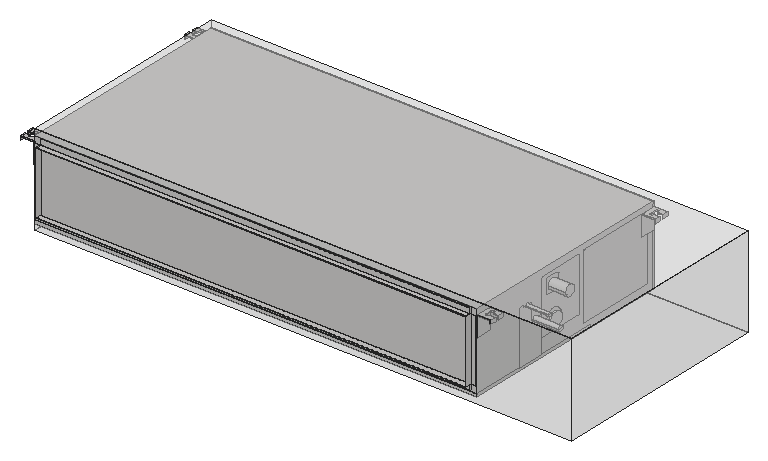
Revit family "outputfile", category 機械設備, Revit 2024
Family settings
  丸型コネクタ寸法 = 半径を使用
  パーツ タイプ = 標準
  OmniClass 番号 = 23.75.10.24.21.27.27
  OmniClass タイトル = Split System Air Conditioning Units
  作業面ベース = いいえ
  常に垂直 = はい
  ロード時にボイドで切り取り = いいえ
  注釈の向きを維持 = いいえ
  共有 = いいえ
  部屋計算ポイント = はい
Parameters (values of type "FPSQ140CV1")
  Description = ""
  書き出し IFC クラス(タイプ) = "IfcUnitaryEquipmentType"
  定義済み IFC タイプ(タイプ) = "AIRCONDITIONINGUNIT"
  Cost = 0
  Type Comments = ""
  Keynote = ""
  Type Image = (empty or 0)
  Assembly Code = ""
  w_RA Duct Size = if(Width = 1000.0 mm, 1000.0 mm, 1400.0 mm)  # 1400.0 mm
  r_HP/LP Gas Pipe Size = 4.75 mm
  lw_HP/LP Gas Pipe Size = 60.0 mm  # constant formula
  lh_HP/LP Gas Pipe Size = -103.0 mm
  ld_mountinghole = 24.0 mm  # constant formula
  ld_HP/LP Gas Pipe Size = 131.0 mm
  製造元 = "Daikin"
  モデル = "FPSQ140CV1"
  w_pipe = 33.0 mm
  r_Liquid Pipe Size = Liquid Pipe Size / 2  # 4.75 mm
  r_Gas Pipe Size = Gas Pipe Size / 2  # 7.95 mm
  r_Drain Pipe Size = Drain Pipe Size / 2  # 16.0 mm
  lw_powersupply = 49.5 mm
  lh_suctionflange [instance] = if(Rear Connection_Return Air, 125.0 mm + [h***], 190.0 mm + [h***])  # 125.0 mm
  ld_suctionflange [instance] = if(Rear Connection_Return Air, 190.0 mm, 126.5 mm)  # 190.0 mm
  ld_powersupply = 60.0 mm
  angle_vertical_RA [instance] = if(Rear Connection_Return Air, 90.00°, 0.00°)  # 90.00°
  angle horizontal_RA [instance] = if(Rear Connection_Return Air, 180.00°, 270.00°)  # 180.00°
  Voltage_comment_50Hz = "220 - 240"
  Voltage_50Hz = 230 V
  URL = ""
  Supply Air Direction [instance] = yes
  Sound Power Level_H speed (dB) = 0
  Rear Connection_Return Air [instance] = not(Bottom Connection_Return Air)  # yes
  RA_length = 190.0 mm  # constant formula
  Phase_50Hz = 1
  Minimum External Static Pressure = 50.00 Pa
  Minimum Circuit Amps_50Hz = 2.0 A
  Maximum Fuse Amps_50Hz = 16.0 A
  Maximum External Static Pressure = 80.00 Pa
  Material_Casing = DAIKIN_GalvanizedSteel_Casing_indoorunit
  lw_liquidpipe = 75.0 mm  # constant formula
  lw_gaspipe = 83.0 mm  # constant formula
  lw_mountinghole_pitch = Width + 45.0 mm  # 1445.0 mm
  lw_mountinghole = 20.0 mm  # constant formula
  lw_drainpipe = 58.0 mm  # constant formula
  lh_powersupply = 20.0 mm
  lh_liquidpipe = 175.0 mm
  lh_gaspipe = 124.0 mm
  lh_mountinghole = Height + [h***]  # 250.0 mm
  lh_drainpipe = 57.0 mm
  lh_antena = 1.0 mm  # constant formula
  ld_liquidpipe = 197.0 mm
  ld_gaspipe = 228.0 mm  # constant formula
  ld_mountinghole_pitch = 651.0 mm  # constant formula
  ld_drainpipe = 403.0 mm  # constant formula
  ld_controlbox = 626.0 mm  # constant formula
  h*** = 0.0 mm  # constant formula
  d_dischargeflange = 19.0 mm  # constant formula
  Width = 1400.0 mm
  Version = "ver.1.0"
  Unit Type = "Middle Static Ceiling Mounted Duct Type"
  Unit Mass Weight = 42.00 kg
  Unit Designation [instance] = ""
  Uniclass2015Version = "Products v1.30"
  Uniclass2015Title = "Variable refrigerant flow units"
  Uniclass2015Code = "Pr_70_65_03_94"
  Total Cooling Capacity [instance] = 0.000 kW
  Sound Pressure Level_M speed (dBA) = 39
  Sound Pressure Level_L speed (dBA) = 36
  Sound Pressure Level_H speed (dBA) = 42
  Series = "VRV HOME_Fan Coil Unit"
  Sensible Cooling Capacity [instance] = 0.000 kW
  SA Duct Size Width = 1360.0 mm
  SA Duct Size Height = 198.0 mm
  Refrigerant Type = "R410A"
  RA Duct Size Width = 1364.0 mm
  RA Duct Size Height [instance] = if(Rear Connection_Return Air, 214.0 mm, 217.0 mm)  # 214.0 mm
  Power Input (Cooling) = 0.325 kW
  Option Accessory 3 [instance] = ""
  Option Accessory 2 [instance] = ""
  Option Accessory 1 [instance] = ""
  Nominal Cooling Capacity = 16.000 kW
  Minimum Airflow = 1524.00 m³/h
  Median Airflow = 1932.00 m³/h
  Maximum Airflow = 2340.00 m³/h
  Load Classification = HVAC
  Liquid Pipe Size = 9.5 mm
  Link_Nested Family [instance] = ""
  IfcVersion = ""
  IfcExportType = "AIRCONDITIONINGUNIT"
  IfcExportAs = "IfcUnitaryEquipmentType"
  Height = 250.0 mm
  Heat Exchanger Type = "Cross Fin Coil"
  Gas Pipe Size = 15.9 mm
  Frequency_50Hz = 50 Hz
  Fan Type = "Sirocco Fan"
  Fan Drive = "Direct Drive"
  FCU Tag No. [instance] = ""
  Drain Pipe Size = 32.0 mm
  Design Supply Airflow [instance] = 0.00 m³/h
  Design Return Airflow [instance] = 0.00 m³/h
  Design External Static Pressure [instance] = 0.00 Pa
  Depth = 700.0 mm
  既定の高さ = 0.0 mm
  Cooling Entering Wet Bulb Temperature [instance] = 0.00 °C
  Cooling Entering Dry Bulb Temperature [instance] = 0.00 °C
  Cooling Ambient Wet Bulb Temperature [instance] = 0.00 °C
  Cooling Ambient Dry Bulb Temperature [instance] = 0.00 °C
  Clearance visibility [instance] = yes
  Clearance Top = 20.0 mm
  Clearance Right = 300.0 mm
  Clearance Rear = 0.0 mm
  Clearance Left = 0.0 mm
  Clearance Front = 0.0 mm
  Clearance Bottom = 20.0 mm
  Bottom Connection_Return Air [instance] = no
Reference planes
  plane 1 "Center (Front/Back)": y = 0
  plane 2: z = 0
  plane 3 "Center (Left/Right)": x = 0
  plane 4 "Back": y = 350
  plane 5 "Front": y = -350
  plane 6 "Left": x = -700
  plane 7 "Right": x = 700
  plane 8 "Top": z = 0
  plane 9 "Bottom": z = -250
  plane 10: x = 325
  plane 11: x = -330
  plane 12: z = -230
  plane 13: z = -6
  plane 14: z = -72
  plane 15: z = -75
  plane 16: z = -126
  plane 17: x = -304
  plane 18: x = -722.5
  plane 19: x = 722.5
  plane 20: y = -326
  plane 21: y = 325
  plane 22: x = -742.5
  plane 23: x = 390
  plane 24: x = 775
  plane 25: x = 783
  plane 26: x = 758
  plane 27: z = 0
  plane 28 "Clearance Left": x = -700
  plane 29 "Clearance Right": x = 1000
  plane 30 "Clearance Rear": y = 350
  plane 31 "Clearance Front": y = -350
  plane 32 "Clearance Top": z = 20
  plane 33 "Clearance Bottom": z = -270
  plane 34: z = -14
  plane 35: z = -57
  plane 36: z = -146.5
  plane 37: x = 0
  plane 38: y = -122
  plane 39: y = -153
  plane 40: y = -30
  plane 41: y = -53
  plane 42: z = -119
  plane 43: y = -349
  plane 44: x = -699
  plane 45: z = -140
  plane 46: z = -80
  plane 47: y = 210
  plane 48: z = -249
  plane 49: y = 160
  plane 50: z = -151
  plane 51: x = 730
  plane 52: z = 11
  plane 53: z = 97.5
  plane 54: y = -219
Forms (mm)
  Extrusion 1, solid, material "DAIKIN_GalvanizedSteel_Casing_indoorunit" <- "Material_Casing"
    sketch origin (0, 0, 0) x (1, 0, 0) y (0, 1, 0)
      loop
        line (-700, -350) -> (700, -350) -> (700, 350) -> (-700, 350) -> (-700, -350)
    from -250 to 0
  Revolve 2, solid, material "DAIKIN_GalvanizedSteel_Casing_indoorunit" <- "Material_Casing"
    sketch origin (0, 0, -126) x (0, -1, 0) y (1, 0, 0)
      loop
        line (114.05, 700) -> (122, 700) -> (122, 783) -> (114.05, 783) -> (114.05, 700)
      axis (122, 700) -> (122, 783)
    angle from 0 to 360
  Revolve 3, solid, material "DAIKIN_GalvanizedSteel_Casing_indoorunit" <- "Material_Casing"
    sketch origin (0, 0, -75) x (0, -1, 0) y (1, 0, 0)
      loop
        line (153, 700) -> (153, 775) -> (148.25, 775) -> (148.25, 700) -> (153, 700)
      axis (153, 775) -> (153, 700)
    angle from 0 to 360
  Extrusion 4, solid, material "DAIKIN_GalvanizedSteel_Casing_indoorunit" <- "Material_Casing"
    sketch origin (700, 0, 33.75) x (0, 1, 0) y (0, 0, 1)
      loop
        circle (-53, -90.75) r 16
    from 0 to 58
  Extrusion 5, solid, material "DAIKIN_GalvanizedSteel_Casing_indoorunit" <- "Material_Casing"
    sketch origin (0, 0, 0) x (1, 0, 0) y (0, 0, 1)
      loop
        line (-700, -240) -> (-700, -250) -> (700, -250) -> (700, -240) -> (-700, -240)
    from -97 to 350
  Extrusion 6, solid, material "DAIKIN_GalvanizedSteel_Casing_indoorunit" <- "Material_Casing"
    sketch origin (700, 0, 0) x (0, 1, 0) y (0, 0, 1)
      loop
        circle (-49.014, -158.014) r 22.5
    from 11.3 to 0
  Extrusion 7, solid, material "DAIKIN_GalvanizedSteel_Casing_indoorunit" <- "Material_Casing"
    sketch origin (700, 0, 0) x (0, 1, 0) y (0, 0, 1)
      loop
        circle (-49.014, -158.014) r 30
    from 0 to 3
  Extrusion 8, solid, material "DAIKIN_GalvanizedSteel_Casing_indoorunit" <- "Material_Casing"
    sketch origin (700, 0, 0) x (0, 1, 0) y (0, 0, 1)
      loop
        arc (-94.014, -189.014) -> (-93.135, -191.135) -> (-91.014, -192.014) r 3
        line (-91.014, -192.014) -> (49.986, -192.014)
        arc (49.986, -192.014) -> (52.108, -191.135) -> (52.986, -189.014) r 3
        line (52.986, -189.014) -> (52.986, -25.014)
        arc (52.986, -25.014) -> (52.108, -22.892) -> (49.986, -22.014) r 3
        line (49.986, -22.014) -> (-91.014, -22.014)
        arc (-91.014, -22.014) -> (-93.135, -22.892) -> (-94.014, -25.014) r 3
        line (-94.014, -25.014) -> (-94.014, -189.014)
      loop
        line (-78.486, -40.478) -> (-78.486, -73.478)
        arc (-78.486, -73.478) -> (-75.855, -79.845) -> (-69.494, -82.486) r 9
        line (-69.494, -82.486) -> (-36.492, -82.486)
        arc (-36.492, -82.486) -> (-30.134, -79.848) -> (-27.486, -73.494) r 9.023
        line (-27.486, -73.494) -> (-27.486, -40.478)
        arc (-27.486, -40.478) -> (-30.122, -34.122) -> (-36.478, -31.486) r 9
        line (-36.478, -31.486) -> (-69.494, -31.486)
        arc (-69.494, -31.486) -> (-75.85, -34.122) -> (-78.486, -40.478) r 9
    from 0 to 1
  Extrusion 9, solid, material "DAIKIN_GalvanizedSteel_Casing_indoorunit" <- "Material_Casing"
    sketch origin (700, 0, 0) x (0, 1, 0) y (0, 0, 1)
      loop
        line (72.008, -16.198) -> (72.008, -225) -> (324.002, -225) -> (324.002, -83.198) -> (299.002, -83.198) -> (299.002, -16.198) -> (72.008, -16.198)
    from 0 to 1
  Extrusion 10, solid, material "DAIKIN_GalvanizedSteel_Casing_indoorunit"
    sketch origin (700, 0, 0) x (0, 1, 0) y (0, 0, 1)
      loop
        line (-96.045, -240) -> (-96.045, -126.163) -> (-136.045, -126.163) -> (-136.045, -75.163) -> (-166.999, -75.163) -> (-166.999, -70.163) -> (-181.045, -70.163) -> (-181.045, -240) -> (-96.045, -240)
    from 0 to 1
Dimensions and locks
  "lh_powersupply": plane 12 to plane 9 "Bottom"
  locked: plane 8 "Top" to plane 13 at 6
  "Height": plane 8 "Top" to plane 9 "Bottom"
  locked: plane 17 to plane 3 "Center (Left/Right)" at 304
  equal spacing: plane 18, plane 3 "Center (Left/Right)", plane 19
  "lw_mountinghole_pitch": plane 18 to plane 19
  locked: plane 14 to plane 9 "Bottom" at 178
  "lw_mountinghole": plane 22 to plane 18
  "lh_liquidpipe": plane 15 to plane 9 "Bottom"
  "lh_gaspipe": plane 16 to plane 9 "Bottom"
  "lh_mountinghole": plane 27 to plane 9 "Bottom"
  "ld_mountinghole_pitch": plane 21 to plane 20
  equal spacing: plane 6 "Left", plane 3 "Center (Left/Right)", plane 7 "Right"
  "Width": plane 6 "Left" to plane 7 "Right"
  "Clearance Right": plane 7 "Right" to plane 29 "Clearance Right"
  "Clearance Left": plane 28 "Clearance Left" to plane 6 "Left"
  "lw_gaspipe": plane 7 "Right" to plane 25
  "lw_liquidpipe": plane 7 "Right" to plane 24
  "lw_drainpipe": plane 7 "Right" to plane 26
  "Clearance Rear": plane 30 "Clearance Rear" to plane 4 "Back"
  "Clearance Front": plane 5 "Front" to plane 31 "Clearance Front"
  "Clearance Top": plane 32 "Clearance Top" to plane 8 "Top"
  "Clearance Bottom": plane 9 "Bottom" to plane 33 "Clearance Bottom"
  plane 8 "Top" to plane 34 = 14.0 mm
  "lh_drainpipe": plane 8 "Top" to plane 35
  locked: plane 36 to plane 9 "Bottom" at 103.5
  locked: plane 34 to plane 42 at 105
  "Depth": plane 4 "Back" to plane 5 "Front"
  equal spacing: plane 4 "Back", plane 1 "Center (Front/Back)", plane 5 "Front"
  locked: plane 43 to plane 5 "Front" at 1
  locked: plane 44 to plane 6 "Left" at 1
  locked: plane 12 to plane 45 at 90
  plane 47 to nested 13 = 122.0 mm
  locked: plane 48 to plane 9 "Bottom" at 1
  "ld_suctionflange": plane 4 "Back" to plane 49
  locked: plane 50 to plane 9 "Bottom" at 99
  locked: plane 51 to plane 7 "Right" at 30
  "r_Gas Pipe Size": Revolve 2 sketch curve to Revolve 2 sketch curve
  "ld_gaspipe": plane 38 to plane 5 "Front"
  "r_Liquid Pipe Size": Revolve 3 sketch curve to plane 39
  "ld_liquidpipe": plane 39 to plane 5 "Front"
  "ld_drainpipe": plane 4 "Back" to plane 41
  "ld_HP/LP Gas Pipe Size": plane 54 to plane 5 "Front"
  plane 8 "Top" to plane 15 = 75.0 mm
  "ld_mountinghole": plane 20 to plane 5 "Front"
  locked: plane 8 "Top" to nested 16 at 20
  equal spacing: plane 6 "Left", plane 37, plane 7 "Right"
  "ld_gaspipe": plane 5 "Front" to Revolve 2 sketch curve
  locked: plane 46 to plane 9 "Bottom" at 170
  "r_Drain Pipe Size": radius of Extrusion 4 sketch curve
  aligned and locked: level to plane 2
  aligned and locked: Extrusion 1 to plane 9 "Bottom"
  aligned and locked: plane 8 "Top" to Extrusion 1
  aligned and locked: Revolve 2 sketch curve to Revolve 2 sketch curve
  aligned and locked: nested 6 to plane 24
  aligned and locked: nested 6 to plane 15
  aligned and locked: nested 2 to plane 21
  aligned and locked: plane 19 to nested 2
  aligned and locked: plane 19 to nested 3
  aligned and locked: plane 18 to nested 4
  aligned and locked: plane 21 to nested 5
  aligned and locked: nested 5 to plane 21
  aligned and locked: plane 18 to nested 5
  aligned and locked: Extrusion 5 to plane 5 "Front"
  aligned and locked: Extrusion 5 to plane 9 "Bottom"
  aligned and locked: nested 7 to plane 16
  aligned and locked: plane 38 to nested 7
  aligned and locked: plane 39 to nested 6
  aligned and locked: Extrusion 4 sketch curve to plane 41
  aligned and locked: plane 4 "Back" to nested 12
  aligned and locked: plane 29 "Clearance Right" to nested 14
  aligned and locked: plane 28 "Clearance Left" to nested 14
  aligned and locked: nested 14 to plane 31 "Clearance Front"
  aligned and locked: nested 14 to plane 32 "Clearance Top"
  aligned and locked: nested 14 to plane 33 "Clearance Bottom"
  aligned and locked: nested 8 to plane 35
  aligned and locked: nested 10 to plane 1 "Center (Front/Back)"
  aligned and locked: plane 3 "Center (Left/Right)" to nested 10
  aligned and locked: plane 42 to nested 9
  aligned and locked: level to plane 8 "Top"
  aligned and locked: plane 3 "Center (Left/Right)" to nested 1
  aligned and locked: Extrusion 1 sketch curve to plane 5 "Front"
  aligned and locked: plane 3 "Center (Left/Right)" to nested 16
  aligned and locked: plane 5 "Front" to nested 16
  aligned and locked: nested 9 to plane 5 "Front"
  aligned and locked: plane 39 to Revolve 3 sketch curve  (x2)
  aligned and locked: plane 7 "Right" to nested 7
  aligned and locked: plane 7 "Right" to nested 8
  aligned and locked: plane 41 to nested 8
  aligned and locked: plane 1 "Center (Front/Back)" to nested 1
  aligned and locked: nested 4 to plane 20
  aligned and locked: nested 3 to plane 20
  aligned and locked: plane 37 to nested 15
  aligned and locked: nested 15 to plane 49
  aligned and locked: plane 7 "Right" to Revolve 3 sketch curve
  aligned and locked: plane 7 "Right" to Revolve 2 sketch curve
  aligned and locked: Revolve 2 sketch curve to nested 7
  aligned and locked: plane 8 "Top" to nested 12
  aligned and locked: plane 3 "Center (Left/Right)" to nested 12
  aligned and locked: plane 3 "Center (Left/Right)" to nested 13
  aligned and locked: plane 9 "Bottom" to nested 13
  aligned and locked: plane 30 "Clearance Rear" to nested 14
  aligned and locked: plane 4 "Back" to nested 13
  aligned and locked: plane 7 "Right" to nested 11
  aligned and locked: plane 26 to Extrusion 4
Automatic sketch dimensions
  Extrusion 1 sketch curve to plane 4 "Back" = 0.0 mm
  Extrusion 1 sketch curve to plane 6 "Left" = 0.0 mm
  Extrusion 1 sketch curve to plane 7 "Right" = 0.0 mm
  Revolve 2 sketch curve to plane 37 = 57.997 mm
  plane 24 to Revolve 2 sketch curve = 1.003 mm
  Revolve 3 sketch curve to plane 24 = 0.0 mm  (x2)
  Revolve 3 sketch curve to Revolve 3 sketch curve = 1.0 mm
  Extrusion 5 sketch curve to plane 6 "Left" = 0.0 mm
  Extrusion 5 sketch curve to plane 7 "Right" = 0.0 mm
  Extrusion 5 sketch curve to plane 9 "Bottom" = 0.0 mm
  Extrusion 5 sketch curve to plane 12 = 10.0 mm
  plane 35 to Extrusion 4 sketch curve = 0.0 mm
  plane 38 to Extrusion 6 sketch curve = 72.986 mm
  plane 12 to Extrusion 6 sketch curve = 71.986 mm
  plane 41 to Extrusion 7 sketch curve = 3.986 mm
  Extrusion 7 sketch curve to plane 50 = 7.014 mm
  plane 38 to Extrusion 8 sketch curve = 27.986 mm
  Extrusion 8 sketch curve to Extrusion 8 sketch curve = 3.0 mm  (x3)
  Extrusion 8 sketch curve to plane 14 = 1.478 mm
  Extrusion 8 sketch curve to plane 41 = 25.486 mm
  Extrusion 8 sketch curve to plane 46 = 2.486 mm
  Extrusion 8 sketch curve to Extrusion 8 sketch curve = 8.992 mm  (x2)
  Extrusion 8 sketch curve to plane 14 = 1.486 mm
  Extrusion 8 sketch curve to Extrusion 8 sketch curve = 9.0 mm
  Extrusion 8 sketch curve to plane 14 = 1.463 mm
  Extrusion 8 sketch curve to plane 40 = 6.509 mm
  Extrusion 8 sketch curve to plane 40 = 6.492 mm
  Extrusion 8 sketch curve to plane 40 = 6.486 mm
  Extrusion 8 sketch curve to plane 40 = 6.478 mm
  Extrusion 8 sketch curve to plane 14 = 1.494 mm
  Extrusion 8 sketch curve to plane 34 = 8.014 mm
  Extrusion 8 sketch curve to plane 1 "Center (Front/Back)" = 49.986 mm  (x2)
  Extrusion 8 sketch curve to plane 50 = 38.014 mm
  plane 35 to Extrusion 8 sketch curve = 16.514 mm
  Extrusion 8 sketch curve to Extrusion 8 sketch curve = 32.977 mm
  Extrusion 8 sketch curve to Extrusion 8 sketch curve = 0.008 mm
  Extrusion 9 sketch curve to plane 34 = 2.198 mm
  Extrusion 9 sketch curve to plane 1 "Center (Front/Back)" = 72.008 mm
  Extrusion 9 sketch curve to plane 46 = 3.198 mm
  Extrusion 9 sketch curve to plane 21 = 25.998 mm
  Extrusion 9 sketch curve to plane 21 = 0.998 mm  (x2)
  plane 12 to Extrusion 9 sketch curve = 5.0 mm
  plane 48 to Extrusion 10 sketch curve = 9.0 mm
  Extrusion 10 sketch curve to plane 39 = 28.045 mm
  Extrusion 10 sketch curve to plane 15 = 0.163 mm
  Extrusion 10 sketch curve to plane 39 = 13.999 mm
  Extrusion 10 sketch curve to plane 16 = 0.163 mm
  Extrusion 10 sketch curve to plane 38 = 14.045 mm
  plane 38 to Extrusion 10 sketch curve = 25.955 mm
  plane 14 to Extrusion 10 sketch curve = 1.837 mm
  radius of Extrusion 6 sketch curve = 22.5 mm
  radius of Extrusion 7 sketch curve = 30.0 mm
Nested families
  nested 1: "daikin_hangerfixture_FPSQ-CV1" at (0, 0, -15.5), type "daikin_hangerfixture_FPSQ-CV1"
    with width 1400.0 mm
  nested 2: "daikin_mountinghole" at (722.5, 325, -265.5), l_antenna <- "lh_antena", Link_Nested Family <- "Link_Nested Family", h_mountinghole <- "lh_mountinghole", type "daikin_mountinghole"
    with show yes, l_antenna 1.0 mm, h_mountinghole 250.0 mm, Link_Nested Family ""
  nested 3: "daikin_mountinghole" at (722.5, -326, -265.5), Link_Nested Family <- "Link_Nested Family", l_antenna <- "lh_antena", h_mountinghole <- "lh_mountinghole", type "daikin_mountinghole"
    with show yes, l_antenna 1.0 mm, h_mountinghole 250.0 mm, Link_Nested Family ""
  nested 4: "daikin_mountinghole" at (-722.5, -326, -265.5), l_antenna <- "lh_antena", Link_Nested Family <- "Link_Nested Family", h_mountinghole <- "lh_mountinghole", type "daikin_mountinghole"
    with show yes, l_antenna 1.0 mm, h_mountinghole 250.0 mm, Link_Nested Family ""
  nested 5: "daikin_mountinghole" at (-722.5, 325, -265.5), l_antenna <- "lh_antena", Link_Nested Family <- "Link_Nested Family", h_mountinghole <- "lh_mountinghole", type "daikin_mountinghole"
    with show yes, l_antenna 1.0 mm, h_mountinghole 250.0 mm, Link_Nested Family ""
  nested 6: "daikin_connector_rotate2" at (700, -153, -75) x (0, 1, 0) z (0, 0, 1), length <- "lw_liquidpipe", built-in parameter 1001364 <- "lh_liquidpipe", radius <- "r_Liquid Pipe Size", type "daikin_connector_rotate2"
    with radius 4.75 mm, length 75.0 mm, angle_vertical 90.00°
  nested 7: "daikin_connector_rotate2" at (700, -122, -126) x (0, 1, 0) z (0, 0, 1), length <- "lw_gaspipe", built-in parameter 1001364 <- "lh_gaspipe", radius <- "r_Gas Pipe Size", type "daikin_connector_rotate2"
    with radius 7.95 mm, length 83.0 mm, angle_vertical 90.00°
  nested 8: "daikin_connector_rotate2" at (700, -53, -57) x (0, 1, 0) z (0, 0, 1), built-in parameter 1001364 <- "lh_drainpipe", radius <- "r_Drain Pipe Size", length <- "lw_drainpipe", type "daikin_connector_rotate2"
    with radius 16.0 mm, length 58.0 mm, angle_vertical 90.00°
  nested 9: "daikin_connector_rotate2" at (0, -350, -119), length <- "d_dischargeflange", type "daikin_connector_rotate2"
    with radius 10.0 mm, length 19.0 mm, angle_vertical 90.00°
  nested 10: "daikin_△_symbolicline" at (-75, -129.904, 250) x (-0.5, 0.866, 0) z (0, 0, 1), built-in parameter 1001364 <- "Height", visible <- "Supply Air Direction", type "daikin_△_symbolicline"
    with length 300.0 mm
  nested 11: "daikin_connector_rotate2" at (640, 273.008, -220) x (0, 1, 0) z (0, 0, 1), type "daikin_connector_rotate2"
    with radius 10.0 mm, length 60.0 mm, angle_vertical 90.00°
  nested 12: "daikin_ductflange_FPSQ-CV1_2" at (0, 350, -125), material <- "Material_Casing", visible <- "Rear Connection_Return Air", width <- "w_RA Duct Size", type "daikin_ductflange_FPSQ-CV1_2"
    with width 1400.0 mm, material DAIKIN_GalvanizedSteel_Casing_indoorunit, height 214.0 mm, depth 21.2 mm
  nested 13: "daikin_ductflange_FPSQ-CV1_2" at (0, 225, -250) x (1, 0, 0) z (0, 1, 0), material <- "Material_Casing", visible <- "Bottom Connection_Return Air", width <- "w_RA Duct Size", height <- "RA Duct Size Height", type "daikin_ductflange_FPSQ-CV1_2"
    with width 1400.0 mm, material DAIKIN_GalvanizedSteel_Casing_indoorunit, height 214.0 mm, depth 21.0 mm
  nested 14: "daikin_clearancespace" at (150, 0, -124.881), visible <- "Clearance visibility", show <- "Clearance visibility", Link_Nested Family <- "Link_Nested Family", type "daikin_clearancespace"
    with width 1700.0 mm, show yes, height 290.0 mm, depth 700.0 mm, Link_Nested Family ""
  nested 15: "daikin_connector_rotate3" at (0, 160, -125), built-in parameter 1001364 <- "lh_suctionflange", angle_vertical <- "angle_vertical_RA", angle_horizontal <- "angle horizontal_RA", length <- "RA_length", type "daikin_connector_rotate3"
    with show no, radius 10.0 mm, length 190.0 mm, angle_vertical 90.00°, angle_horizontal 180.00°
  nested 16: "daikin_ductflange_FPSQ-CV1_1" at (0, -36.5, -408.201), width <- "SA Duct Size Width", type "daikin_ductflange_FPSQ-CV1_1"
    with width 1360.0 mm, material DAIKIN_GalvanizedSteel_Casing_indoorunit, height 200.0 mm, depth 19.0 mm
Connectors
  piping at (783, -122, -126), diameter 15.9, driven by "r_Gas Pipe Size"
    settings: on nested 7, index 1, connector inside diameter 609.6 mm, connector length 0.0 mm, flow factor 0, pipe flow 0.00 m³/h, pressure drop 0.0 Pa, fitting loss kfactor 0, connector angle 0.00°, fixture units 0, engagement length 0.0 mm, angle of deflection 0.00°, flow configuration 1, flow direction 2, fitting loss method 0, system type 29, joint type 0, gender type 0, connector reference index -1, connector utility 0, adjustable connector no, is connector primary yes, connector description "Refrigerant Gas Piping"
  piping at (775, -153, -75), diameter 9.5, driven by "r_Liquid Pipe Size"
    settings: on nested 6, index 2, connector inside diameter 609.6 mm, connector length 0.0 mm, flow factor 0, pipe flow 0.00 m³/h, pressure drop 0.0 Pa, fitting loss kfactor 0, connector angle 0.00°, fixture units 0, engagement length 0.0 mm, angle of deflection 0.00°, flow configuration 1, flow direction 1, fitting loss method 0, system type 29, joint type 0, gender type 0, connector reference index -1, connector utility 0, adjustable connector no, is connector primary no, connector description "Refrigerant Liquid Piping"
  piping at (758, -53, -57), diameter 32, driven by "r_Drain Pipe Size"
    settings: on nested 8, index 3, connector inside diameter 609.6 mm, connector length 0.0 mm, flow factor 0, pipe flow 0.00 m³/h, pressure drop 0.0 Pa, fitting loss kfactor 0, connector angle 0.00°, fixture units 0, engagement length 0.0 mm, angle of deflection 0.00°, flow configuration 1, flow direction 2, fitting loss method 4, system type 16, joint type 0, gender type 0, connector reference index -1, connector utility 0, adjustable connector no, is connector primary no, connector description "Condensate Drain Piping"
  electrical at (700, 273.008, -220), driven by "Load Classification"
    settings: on nested 11, index 9, voltage 0 V, apparent load 0 VA, apparent load phase1 0 VA, apparent load phase2 0 VA, apparent load phase3 0 VA, power factor 1, load classification "HVAC", number of poles 1, system type 30, power factor state 1, is connector primary yes, connector utility no, sub classification motor no, connector description "Power Supply"
  hvac at (0, -369, -119), driven by "SA Duct Size Height", driven by "SA Duct Size Width"
    settings: on nested 9, index 11, duct flow 0.00 m³/h, flow factor 0, pres drop 0.00 Pa, loss coef 0, conn angle 0.00°, conn width 1360.0 mm, conn height 198.0 mm, conn diameter 609.6 mm, duct sys type 1, conn prof type 1, flow config 0, flow direction 2, loss method 4, conn ref index -1, conn util no, is conn primary yes, conn desc "SA Duct"
  hvac at (0, 350, -125), driven by "RA Duct Size Height", driven by "RA Duct Size Width"
    settings: on nested 15, index 12, duct flow 0.00 m³/h, flow factor 0, pres drop 0.00 Pa, loss coef 0, conn angle 0.00°, conn width 1364.0 mm, conn height 214.0 mm, conn diameter 609.6 mm, duct sys type 2, conn prof type 1, flow config 0, flow direction 1, loss method 4, conn ref index -1, conn util no, is conn primary no, conn desc "RA Duct"
  piping at (783, -122, -126), diameter 15.9, driven by "r_Gas Pipe Size"
    settings: on nested 7, index 13, connector inside diameter 609.6 mm, connector length 0.0 mm, flow factor 0, pipe flow 0.00 m³/h, pressure drop 0.0 Pa, fitting loss kfactor 0, connector angle 0.00°, fixture units 0, engagement length 0.0 mm, angle of deflection 0.00°, flow configuration 1, flow direction 2, fitting loss method 0, system type 29, joint type 0, gender type 0, connector reference index -1, connector utility 0, adjustable connector no, is connector primary no, connector description "Refrigerant Gas Piping"
Definition of nested family "daikin_hangerfixture_FPSQ-CV1"
  Parameters (values of type "daikin_hangerfixture_FPSQ-CV1")
    width = 1000.0 mm
    material = none
    height = 65.0 mm
    depth = 699.0 mm
    Default Elevation = 0.0 mm
  Reference planes
    plane 1 "Center (Front/Back)": y = 0
    plane 2: z = 0
    plane 3 "Center (Left/Right)": x = 0
    plane 4: x = 500
    plane 5: y = 349
    plane 6: y = -350
    plane 7: x = -500
  Forms (mm)
    Extrusion 1, solid, material <- "material"
      sketch origin (0, 0, 0) x (-1, 0, 0) y (0, 0, -1)
        loop
          line (500, 0) -> (545, 0) -> (545, 11.998) -> (542.7, 11.998) -> (542.7, 2.298) -> (502.108, 2.298) -> (502.108, 64.997) -> (500, 64.997) -> (500, 0)
      from -349 to 350
    Extrusion 2, void
      sketch origin (0, 0, 0) x (1, 0, 0) y (0, 1, 0)
        loop
          line (-545, 301) -> (-545, -302) -> (-500, -302) -> (-500, 301) -> (-545, 301)
        loop
          line (-545, -319.499) -> (-545, -332.501) -> (-529.997, -332.501)
          arc (-529.997, -332.501) -> (-529.291, -332.793) -> (-528.998, -333.5) r 0.998
          line (-528.998, -333.5) -> (-528.998, -335)
          arc (-528.998, -335) -> (-522.999, -340.999) -> (-517, -335) r 5.999
          line (-517, -335) -> (-517, -317)
          arc (-517, -317) -> (-522.999, -311.001) -> (-528.998, -317) r 5.999
          line (-528.998, -317) -> (-528.998, -318.5)
          arc (-528.998, -318.5) -> (-529.291, -319.207) -> (-529.997, -319.499) r 0.998
          line (-529.997, -319.499) -> (-545, -319.499)
        loop
          line (-545, 331.502) -> (-545, 318.5) -> (-529.997, 318.5)
          arc (-529.997, 318.5) -> (-529.291, 318.208) -> (-528.998, 317.501) r 0.998
          line (-528.998, 317.501) -> (-528.998, 316.001)
          arc (-528.998, 316.001) -> (-522.999, 310.002) -> (-517, 316.001) r 5.999
          line (-517, 316.001) -> (-517, 334.001)
          arc (-517, 334.001) -> (-522.999, 340) -> (-528.998, 334.001) r 5.999
          line (-528.998, 334.001) -> (-528.998, 332.5)
          arc (-528.998, 332.5) -> (-529.291, 331.794) -> (-529.997, 331.502) r 0.998
          line (-529.997, 331.502) -> (-545, 331.502)
      from 0 to -80
    Extrusion 3, solid, material <- "material"
      sketch origin (0, 0, 0) x (1, 0, 0) y (0, 0, 1)
        loop
          line (500, 0) -> (500, -64.997) -> (502.108, -64.997) -> (502.108, -2.298) -> (542.7, -2.298) -> (542.7, -11.998) -> (545, -11.998) -> (545, 0) -> (500, 0)
      from -349 to 350
    Extrusion 4, void
      sketch origin (0, 0, 0) x (-1, 0, 0) y (0, -1, 0)
        loop
          line (-545, -301) -> (-500, -301) -> (-500, 302) -> (-545, 302) -> (-545, -301)
        loop
          line (-517, 317) -> (-517, 335)
          arc (-517, 335) -> (-522.999, 340.999) -> (-528.998, 335) r 5.999
          line (-528.998, 335) -> (-528.998, 333.5)
          arc (-528.998, 333.5) -> (-529.291, 332.793) -> (-529.997, 332.501) r 0.998
          line (-529.997, 332.501) -> (-545, 332.501) -> (-545, 319.499) -> (-529.997, 319.499)
          arc (-529.997, 319.499) -> (-529.291, 319.207) -> (-528.998, 318.5) r 0.998
          line (-528.998, 318.5) -> (-528.998, 317)
          arc (-528.998, 317) -> (-522.999, 311.001) -> (-517, 317) r 5.999
        loop
          line (-545, -331.502) -> (-529.997, -331.502)
          arc (-529.997, -331.502) -> (-529.291, -331.794) -> (-528.998, -332.5) r 0.998
          line (-528.998, -332.5) -> (-528.998, -334.001)
          arc (-528.998, -334.001) -> (-522.999, -340) -> (-517, -334.001) r 5.999
          line (-517, -334.001) -> (-517, -316.001)
          arc (-517, -316.001) -> (-522.999, -310.002) -> (-528.998, -316.001) r 5.999
          line (-528.998, -316.001) -> (-528.998, -317.501)
          arc (-528.998, -317.501) -> (-529.291, -318.208) -> (-529.997, -318.5) r 0.998
          line (-529.997, -318.5) -> (-545, -318.5) -> (-545, -331.502)
      from 0 to -80
  Cuts and joins
    Extrusion 2, Extrusion 4 cuts Extrusion 1
    Extrusion 4 cuts Extrusion 3
  Dimensions and locks
    plane 5 to plane 1 "Center (Front/Back)" to plane 6 = 349.0 mm, 350.0 mm
    "depth": plane 5 to plane 6
    plane 6 to plane 1 "Center (Front/Back)" to plane 5 = 350.0 mm, 349.0 mm
    equal spacing: plane 7, plane 3 "Center (Left/Right)", plane 4
    "width": plane 7 to plane 4
    plane 7 to Extrusion 1 sketch curve = 2.108 mm
    level to Extrusion 1 sketch curve = 11.998 mm
    plane 7 to Extrusion 1 sketch curve = 45.0 mm
    Extrusion 1 sketch curve to Extrusion 1 sketch curve = 2.3 mm
    plane 2 to Extrusion 1 sketch curve = 64.997 mm
    Extrusion 3 sketch curve to Extrusion 3 sketch curve = 2.3 mm
    aligned and locked: level to plane 2
    aligned and locked: Extrusion 1 sketch curve to plane 7
    aligned and locked: plane 2 to Extrusion 1 sketch curve
    aligned and locked: plane 5 to Extrusion 1
    aligned and locked: plane 6 to Extrusion 1
  Automatic sketch dimensions
    Extrusion 1 sketch curve to level = 2.298 mm
    Extrusion 2 sketch curve to plane 7 = 0.0 mm
    Extrusion 2 sketch curve to plane 7 = 17.0 mm  (x2)
    Extrusion 2 sketch curve to Extrusion 2 sketch curve = 5.999 mm  (x4)
    Extrusion 2 sketch curve to Extrusion 2 sketch curve = 0.998 mm  (x4)
    Extrusion 2 sketch curve to Extrusion 2 sketch curve = 15.003 mm  (x2)
    Extrusion 2 sketch curve to Extrusion 2 sketch curve = 0.0 mm
    plane 6 to Extrusion 2 sketch curve = 15.0 mm
    Extrusion 2 sketch curve to Extrusion 2 sketch curve = 1.5 mm  (x4)
    Extrusion 2 sketch curve to Extrusion 2 sketch curve = 13.002 mm  (x2)
    Extrusion 2 sketch curve to Extrusion 2 sketch curve = 15.0 mm
    Extrusion 2 sketch curve to plane 5 = 48.0 mm
    Extrusion 2 sketch curve to Extrusion 2 sketch curve = 15.001 mm
    Extrusion 3 sketch curve to level = 0.0 mm
    Extrusion 3 sketch curve to plane 4 = 0.0 mm
    plane 4 to Extrusion 3 sketch curve = 2.108 mm
    Extrusion 3 sketch curve to level = 2.298 mm
    Extrusion 3 sketch curve to Extrusion 3 sketch curve = 40.592 mm
    Extrusion 3 sketch curve to Extrusion 3 sketch curve = 9.7 mm
    Extrusion 3 sketch curve to Extrusion 3 sketch curve = 62.7 mm
    Extrusion 4 sketch curve to plane 4 = 0.0 mm
    plane 4 to Extrusion 4 sketch curve = 17.0 mm  (x2)
    Extrusion 4 sketch curve to Extrusion 4 sketch curve = 5.999 mm  (x3)
    Extrusion 4 sketch curve to Extrusion 4 sketch curve = 0.998 mm  (x4)
    Extrusion 4 sketch curve to Extrusion 4 sketch curve = 15.003 mm  (x2)
    Extrusion 4 sketch curve to plane 5 = 14.999 mm
    Extrusion 4 sketch curve to Extrusion 4 sketch curve = 1.5 mm  (x4)
    Extrusion 4 sketch curve to Extrusion 4 sketch curve = 13.002 mm  (x2)
    Extrusion 4 sketch curve to Extrusion 4 sketch curve = 17.5 mm
    plane 6 to Extrusion 4 sketch curve = 48.0 mm
    Extrusion 4 sketch curve to Extrusion 4 sketch curve = 0.0 mm
    Extrusion 4 sketch curve to Extrusion 4 sketch curve = 12.997 mm
    Extrusion 4 sketch curve to Extrusion 4 sketch curve = 15.0 mm
Definition of nested family "daikin_ductflange_FPSQ-CV1_2"
  Parameters (values of type "daikin_ductflange_FPSQ-CV1_2")
    width [instance] = 620.0 mm
    material [instance] = none
    height [instance] = 214.0 mm
    depth [instance] = 21.2 mm
    Default Elevation = 0.0 mm
  Reference planes
    plane 1 "Center (Front/Back)": y = 0
    plane 2: z = 0
    plane 3 "Center (Left/Right)": x = 0
    plane 4: y = -313.5
    plane 5: y = -334.7
    plane 6: x = -310
    plane 7: x = 310
    plane 8: z = 107
    plane 9: z = -107
    plane 10: z = 125
    plane 11: z = -125
    plane 12: x = -309
    plane 13: x = 309
  Forms (mm)
    Extrusion 1, solid, material <- "material"
      sketch origin (0, 0, 0) x (1, 0, 0) y (0, 0, 1)
        loop
          line (-292, 107) -> (-292, -107) -> (292, -107) -> (292, 107) -> (-292, 107)
        loop
          line (-310, -125) -> (310, -125) -> (310, 125) -> (-310, 125) -> (-310, -125)
      from 0 to 1
  Dimensions and locks
    plane 4 to plane 1 "Center (Front/Back)" = 313.5 mm
    "depth": plane 5 to plane 4
    equal spacing: plane 7, plane 3 "Center (Left/Right)", plane 6, locked at 310 each
    "width": plane 7 to plane 6
    equal spacing: plane 8, level, plane 9
    "height": plane 8 to plane 9
    plane 12 to plane 6 = 1.0 mm
    locked: plane 7 to plane 13 at 1
    locked: Extrusion 1 sketch curve to plane 6 at 18
    locked: plane 7 to Extrusion 1 sketch curve at 18
    locked: plane 10 to plane 8 at 18
    locked: plane 9 to plane 11 at 18
    aligned and locked: level to plane 2
    aligned and locked: plane 8 to Extrusion 1
    aligned and locked: plane 9 to Extrusion 1
    aligned and locked: Extrusion 1 sketch curve to plane 10
    aligned and locked: plane 6 to Extrusion 1 sketch curve
    aligned and locked: plane 7 to Extrusion 1 sketch curve
    aligned and locked: Extrusion 1 sketch curve to plane 11
    aligned and locked: plane 9 to Extrusion 1 sketch curve
    aligned and locked: Extrusion 1 sketch curve to plane 8
Definition of nested family "daikin_clearancespace"
  Parameters (values of type "daikin_clearancespace")
    Description = "daikin_clearancespace"
    width [instance] = 1823.963 mm
    show [instance] = yes
    material = none
    height [instance] = 1359.762 mm
    depth [instance] = 880.0 mm
    Default Elevation = 0.0 mm
    Link_Nested Family [instance] = ""
  Reference planes
    plane 1 "Center (Front/Back)": y = 0
    plane 2 "Center (Elevation)": z = -0.119
    plane 3 "Center (Left/Right)": x = 0
    plane 4: y = 440
    plane 5: y = -440
    plane 6 "Right": x = 911.982
    plane 7 "Left": x = -911.982
    plane 8 "Top": z = 679.762
    plane 9 "Bottom": z = -680
  Forms (mm)
    Extrusion 1, solid, material <- "material", visible <- "show"
      sketch origin (0, 0, 0) x (1, 0, 0) y (0, 1, 0)
        loop
          line (-911.982, 440) -> (-911.982, -440) -> (911.982, -440) -> (911.982, 440) -> (-911.982, 440)
      from -680 to 679.762
  Lines and regions (mm)
    symbolic lines, visible <- "show"
      curve 1: line (911.982, 440, 0) -> (-911.982, 440, 0)
      curve 2: line (-911.982, 440, 0) -> (-911.982, -440, 0)
      curve 3: line (-911.982, -440, 0) -> (911.982, -440, 0)
      curve 4: line (911.982, -440, 0) -> (911.982, 440, 0)
      curve 5: line (911.982, 0, 679.762) -> (-911.982, 0, 679.762)
      curve 6: line (911.982, 0, -680) -> (911.982, 0, 679.762)
      curve 7: line (-911.982, 0, -680) -> (911.982, 0, -680)
      curve 8: line (-911.982, 0, 679.762) -> (-911.982, 0, -680)
      curve 9: line (0, 440, 679.762) -> (0, -440, 679.762)
      curve 10: line (0, -440, 679.762) -> (0, -440, -680)
      curve 11: line (0, 440, -680) -> (0, 440, 679.762)
      curve 12: line (0, -440, -680) -> (0, 440, -680)
  Dimensions and locks
    "width": plane 7 "Left" to plane 6 "Right"
    "depth": plane 4 to plane 5
    "height": plane 8 "Top" to plane 9 "Bottom"
    equal spacing: plane 7 "Left", plane 3 "Center (Left/Right)", plane 6 "Right"
    equal spacing: plane 4, plane 1 "Center (Front/Back)", plane 5
    equal spacing: plane 8 "Top", plane 2 "Center (Elevation)", plane 9 "Bottom"
    aligned and locked: level to plane 2 "Center (Elevation)"
    aligned and locked: Extrusion 1 sketch curve to plane 4
    aligned and locked: plane 7 "Left" to Extrusion 1 sketch curve
    aligned and locked: Extrusion 1 sketch curve to plane 5
    aligned and locked: Extrusion 1 sketch curve to plane 6 "Right"
    aligned and locked: plane 8 "Top" to Extrusion 1
    aligned and locked: curve 1 to Extrusion 1
    aligned and locked: curve 2 to Extrusion 1
    aligned and locked: curve 3 to Extrusion 1
    aligned and locked: curve 4 to Extrusion 1
    aligned and locked: curve 5 to Extrusion 1
    aligned and locked: curve 6 to Extrusion 1
    aligned and locked: curve 7 to Extrusion 1
    aligned and locked: curve 8 to Extrusion 1
    aligned and locked: curve 9 to Extrusion 1
    aligned and locked: curve 10 to Extrusion 1
    aligned and locked: curve 11 to Extrusion 1
    aligned and locked: curve 12 to Extrusion 1
    aligned and locked: Extrusion 1 to plane 9 "Bottom"
Definition of nested family "daikin_ductflange_FPSQ-CV1_1"
  Parameters (values of type "daikin_ductflange_FPDQ-APV1_1")
    width [instance] = 660.0 mm
    material [instance] = none
    height [instance] = 155.0 mm
    depth [instance] = 19.0 mm
    Default Elevation = 0.0 mm
  Reference planes
    plane 1 "Center (Front/Back)": y = 0
    plane 2: z = 189.201
    plane 3 "Center (Left/Right)": x = 0
    plane 4: y = -313.5
    plane 5: x = -330
    plane 6: x = 330
    plane 7: y = -332.5
    plane 8: z = 344.201
    plane 9: z = 266.701
    plane 10: z = 343.201
    plane 11: z = 190.201
  Forms (mm)
    Extrusion 1, solid, material <- "material"
      sketch origin (0, 0, 189.201) x (1, 0, 0) y (0, 1, 0)
        loop
          line (-330, -332.5) -> (-330, -313.5) -> (-348.2, -313.5) -> (-348.2, -314.5) -> (-331, -314.5) -> (-331, -332.5) -> (-330, -332.5)
        loop
          line (330, -332.5) -> (331, -332.5) -> (331, -314.5) -> (348.2, -314.5) -> (348.2, -313.5) -> (330, -313.5) -> (330, -332.5)
      from 1 to 154
    Extrusion 2, solid, material <- "material"
      sketch origin (0, 0, 0) x (0, 1, 0) y (0, 0, 1)
        loop
          line (-313.5, 343.201) -> (-313.5, 361.201) -> (-314.5, 361.201) -> (-314.5, 344.201) -> (-332.5, 344.201) -> (-332.5, 343.201) -> (-313.5, 343.201)
        loop
          line (-313.5, 190.201) -> (-332.5, 190.201) -> (-332.5, 189.201) -> (-314.5, 189.201) -> (-314.5, 172.201) -> (-313.5, 172.201) -> (-313.5, 190.201)
      from -330 to 330
  Dimensions and locks
    plane 4 to plane 1 "Center (Front/Back)" = 313.5 mm
    "depth": plane 7 to plane 4
    equal spacing: plane 8, plane 9, level
    "height": plane 8 to level
    equal spacing: plane 6, plane 3 "Center (Left/Right)", plane 5
    "width": plane 6 to plane 5
    locked: plane 8 to plane 10 at 1
    locked: plane 11 to level at 1
    locked: Extrusion 1 to Extrusion 2 sketch curve at 1
    locked: Extrusion 2 sketch curve to Extrusion 1 at 1
    locked: Extrusion 1 sketch curve to Extrusion 1 sketch curve at 1  (x2)
    Extrusion 1 sketch curve to plane 5 = 18.2 mm
    plane 6 to Extrusion 1 sketch curve = 18.2 mm
    aligned and locked: level to plane 2
    aligned and locked: plane 4 to Extrusion 1  (x2)
    aligned and locked: plane 5 to Extrusion 1
    aligned and locked: Extrusion 1 to plane 7  (x2)
    aligned and locked: Extrusion 1 to plane 6
    aligned and locked: Extrusion 1 to plane 10
    aligned and locked: Extrusion 1 to plane 11
    aligned and locked: plane 10 to Extrusion 1
    aligned and locked: plane 11 to Extrusion 1
    aligned and locked: Extrusion 2 to plane 5
    aligned and locked: plane 5 to Extrusion 2
    aligned and locked: plane 6 to Extrusion 2
    aligned and locked: Extrusion 2 to plane 6
    aligned and locked: Extrusion 2 to plane 11
    aligned and locked: Extrusion 2 to plane 10
  Automatic sketch dimensions
    Extrusion 1 sketch curve to plane 4 = 0.0 mm  (x2)
    Extrusion 1 sketch curve to plane 7 = 0.0 mm  (x2)
    Extrusion 1 sketch curve to plane 5 = 0.0 mm
    Extrusion 1 sketch curve to plane 5 = 1.0 mm
    plane 6 to Extrusion 1 sketch curve = 1.0 mm
    Extrusion 2 sketch curve to plane 7 = 0.0 mm  (x2)
    Extrusion 2 sketch curve to plane 4 = 0.0 mm  (x2)
    Extrusion 2 sketch curve to plane 11 = 0.0 mm
    Extrusion 2 sketch curve to plane 10 = 0.0 mm
    Extrusion 2 sketch curve to plane 4 = 1.0 mm  (x2)
    Extrusion 2 sketch curve to level = 17.0 mm
    plane 8 to Extrusion 2 sketch curve = 17.0 mm
    Extrusion 1 sketch curve to plane 6 = 0.0 mm
Definition of nested family "daikin_mountinghole"
  Parameters (values of type "daikin_mountinghole")
    Default Elevation = 1219.2 mm
    Type Comments = "mountinghole"
    show [instance] = yes
    material = none
    l_centerline = 100.0 mm
    l_antenna [instance] = 100.0 mm
    h_mountinghole [instance] = 0.0 mm
    d_circle = 30.0 mm
    Link_Nested Family [instance] = ""
  Reference planes
    plane 1 "Center (Front/Back)": y = 0
    plane 2: z = 0
    plane 3 "Center (Left/Right)": x = 0
    plane 4: y = 50
    plane 5: x = -50
    plane 6: x = 50
    plane 7: y = -50
    plane 8 "h_mountinghole": z = 0
    plane 9: z = 100
  Lines and regions (mm)
    model lines, detail levels fine
      curve 1: circle (0, 0, 0) r 15 normal (0, 0, 1)
      curve 2: line (-50, 0, 0) -> (50, 0, 0)
      curve 3: line (0, 50, 0) -> (0, -50, 0)
    symbolic lines, detail levels fine
      curve 4: circle (0, 0, 0) r 15 normal (0, 0, 1)
      curve 5: line (-50, 0, 0) -> (50, 0, 0)
      curve 6: line (0, 50, 0) -> (0, -50, 0)
    model lines
      curve 7: line (0, 0, 100) -> (0, 0, 0)
  Dimensions and locks
    equal spacing: plane 4, plane 1 "Center (Front/Back)", plane 7
    "l_centerline": plane 4 to plane 7
    equal spacing: plane 5, plane 3 "Center (Left/Right)", plane 6
    "l_centerline": plane 5 to plane 6
    "l_antenna": plane 9 to plane 8 "h_mountinghole"
    "h_mountinghole": plane 8 "h_mountinghole" to plane 2
    "d_circle": diameter of curve 1
    "d_circle": diameter of curve 4
    aligned and locked: level to plane 2
    aligned and locked: plane 1 "Center (Front/Back)" to curve 1
    aligned and locked: plane 3 "Center (Left/Right)" to curve 1
    aligned and locked: plane 1 "Center (Front/Back)" to curve 2
    aligned and locked: curve 3 to plane 3 "Center (Left/Right)"
    aligned and locked: plane 6 to curve 2
    aligned and locked: plane 5 to curve 2
    aligned and locked: plane 4 to curve 3
    aligned and locked: plane 7 to curve 3
    aligned and locked: plane 1 "Center (Front/Back)" to curve 4
    aligned and locked: plane 3 "Center (Left/Right)" to curve 4
    aligned and locked: plane 6 to curve 5
    aligned and locked: plane 5 to curve 5
    aligned and locked: plane 1 "Center (Front/Back)" to curve 5
    aligned and locked: plane 4 to curve 6
    aligned and locked: plane 7 to curve 6
    aligned and locked: curve 6 to plane 3 "Center (Left/Right)"
    aligned and locked: curve 7 to plane 3 "Center (Left/Right)"
    aligned and locked: plane 9 to curve 7
    aligned and locked: plane 8 "h_mountinghole" to curve 7
Definition of nested family "daikin_connector_rotate2"
  Parameters (values of type "daikin_connector_rotate2")
    show_face = no
    radius [instance] = 10.0 mm
    length [instance] = 600.0 mm
    d_surface = 10.0 mm
    angle_vertical [instance] = 90.00°
    Default Elevation = 0.0 mm
  Reference planes
    plane 1 "Center (Front/Back)": y = 0
    plane 2: z = 0
    plane 3 "Center (Left/Right)": x = 0
  Forms (mm)
    Extrusion 1, solid, visible <- "show_face"
      sketch origin (0, -600, 0) x (1, 0, 0) y (0, 0, 1)
        loop
          circle (0, 0) r 10
      from 0 to -10
  Lines and regions (mm)
    reference lines
      curve 1: line (0, 0, 0) -> (0, -600, 0)
    symbolic lines
      curve 2: circle (0, 0, 0) r 5 normal (0, 0, 1)
    model lines, visible <- "show_face"
      curve 3: line (0, 0, 0) -> (0, -600, 0)
  Dimensions and locks
    "length": curve 1 to curve 1
    "length": curve 3 to curve 3
    "d_surface": Extrusion 1 to Extrusion 1
    "radius": radius of Extrusion 1 sketch curve
    "angle_vertical": angle curve 1 to plane 1 "Center (Front/Back)"
    "angle_vertical": angle curve 3 to plane 1 "Center (Front/Back)"
    aligned and locked: level to plane 2
    aligned and locked: plane 1 "Center (Front/Back)" to curve 1
    aligned and locked: plane 2 to curve 1
    aligned and locked: plane 1 "Center (Front/Back)" to curve 2
    aligned and locked: plane 3 "Center (Left/Right)" to curve 2
    aligned and locked: plane 1 "Center (Front/Back)" to curve 3
    aligned and locked: plane 2 to curve 3
    aligned and locked: Extrusion 1 to Extrusion 1
  Automatic sketch dimensions
    Extrusion 1 sketch curve to level = 0.0 mm
    Extrusion 1 sketch curve to plane 3 "Center (Left/Right)" = 0.0 mm
    radius of curve 2 = 5.0 mm
Definition of nested family "daikin_△_symbolicline"
  Parameters (values of type "daikin_△_symbolicline")
    length [instance] = 500.0 mm
    Default Elevation = 0.0 mm
  Reference planes
    plane 1 "Center (Front/Back)": y = 0
    plane 2: z = 0
    plane 3 "Center (Left/Right)": x = 0
  Lines and regions (mm)
    symbolic lines
      curve 1: line (0, -433.013, 0) -> (250, 0, 0)
      curve 2: line (250, 0, 0) -> (-250, 0, 0)
      curve 3: line (-250, 0, 0) -> (0, -433.013, 0)
  Dimensions and locks
    equal spacing: curve 3, plane 3 "Center (Left/Right)", curve 2
    "length": curve 3 to curve 2
    "length": curve 3 to curve 3
    "length": curve 1 to curve 1
    aligned and locked: level to plane 2
    aligned and locked: curve 2 to plane 1 "Center (Front/Back)"
    aligned and locked: plane 3 "Center (Left/Right)" to curve 3
Definition of nested family "daikin_connector_rotate3"
  Parameters (values of type "daikin_connector_rotate3")
    Default Elevation = 0.0 mm
    show [instance] = no
    radius [instance] = 10.0 mm
    length [instance] = 600.0 mm
    angle_horizontal [instance] = 60.00°
    angle_vertical [instance] = 90.00°
  Reference planes
    plane 1 "Center (Front/Back)": y = 0
    plane 2: z = 0
    plane 3 "Center (Left/Right)": x = 0
  Dimensions and locks
    "angle_horizontal": angle plane 3 "Center (Left/Right)" to nested 1
    aligned and locked: level to plane 2
    aligned and locked: plane 1 "Center (Front/Back)" to nested 1  (x2)
    aligned and locked: plane 3 "Center (Left/Right)" to nested 1
  Nested families
    nested 1: "daikin_connector_rotate2" at (0, 0, 0) x (0.5, 0.866, 0) z (0, 0, 1), angle_vertical <- "angle_vertical", length <- "length", radius <- "radius", type "daikin_connector_rotate2"
      with radius 10.0 mm, length 600.0 mm, angle_vertical 90.00°, show_face no
  Definition of nested family "daikin_connector_rotate2"
    Parameters (values of type "daikin_connector_rotate2")
      show_face = yes
      radius [instance] = 10.0 mm
      length [instance] = 600.0 mm
      d_surface = 10.0 mm
      angle_vertical [instance] = 90.00°
      Default Elevation = 0.0 mm
    Reference planes
      plane 1 "Center (Front/Back)": y = 0
      plane 2: z = 0
      plane 3 "Center (Left/Right)": x = 0
    Forms (mm)
      Extrusion 1, solid, visible <- "show_face"
        sketch origin (0, -600, 0) x (1, 0, 0) y (0, 0, 1)
          loop
            circle (0, 0) r 10
        from 0 to -10
    Lines and regions (mm)
      reference lines
        curve 1: line (0, 0, 0) -> (0, -600, 0)
      symbolic lines
        curve 2: circle (0, 0, 0) r 5 normal (0, 0, 1)
      model lines, visible <- "show_face"
        curve 3: line (0, 0, 0) -> (0, -600, 0)
    Dimensions and locks
      "length": curve 1 to curve 1
      "length": curve 3 to curve 3
      "d_surface": Extrusion 1 to Extrusion 1
      "radius": radius of Extrusion 1 sketch curve
      "angle_vertical": angle curve 1 to plane 1 "Center (Front/Back)"
      "angle_vertical": angle curve 3 to plane 1 "Center (Front/Back)"
      aligned and locked: level to plane 2
      aligned and locked: plane 1 "Center (Front/Back)" to curve 1
      aligned and locked: plane 2 to curve 1
      aligned and locked: plane 1 "Center (Front/Back)" to curve 2
      aligned and locked: plane 3 "Center (Left/Right)" to curve 2
      aligned and locked: plane 1 "Center (Front/Back)" to curve 3
      aligned and locked: plane 2 to curve 3
      aligned and locked: Extrusion 1 to Extrusion 1
    Automatic sketch dimensions
      Extrusion 1 sketch curve to level = 0.0 mm
      Extrusion 1 sketch curve to plane 3 "Center (Left/Right)" = 0.0 mm
      radius of curve 2 = 5.0 mm
